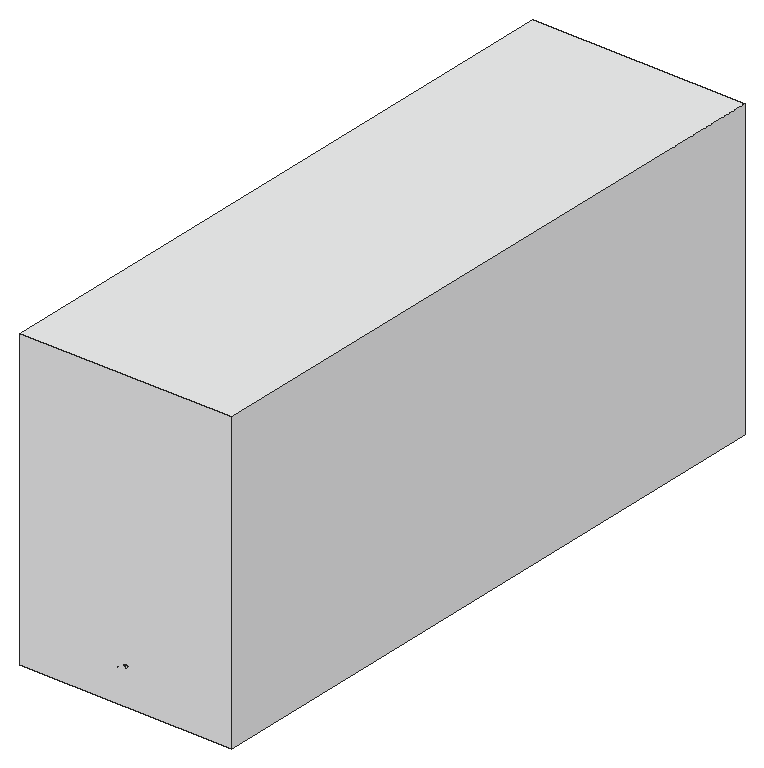
Revit family "979110001_Llave Jardin Palanca", category Plumbing Fixtures, Revit 2019
Family settings
  Round Connector Dimension = Use Diameter
  Part Type = Normal
  Work Plane-Based = No
  Always vertical = Yes
  Cut with Voids When Loaded = No
  Shared = No
  Room Calculation Point = No
Parameters
  Profundidad = 147.5 mm
  Presion minima = "20 psi."  # constant formula
  Presion maxima = "125 psi."  # constant formula
  Peso neto = "265gr. / 0.5842 Lb."  # constant formula
  Peso Bruto aprox = "270gr. / 0.5952 Lb."  # constant formula
  Material = Corona_Laton
  Manufacturer = "Corona"  # constant formula
  Fecha de creación = "12/08/2020"  # constant formula
  Description = "• Acabado satinado y Robusto.\r\n• Ideal para trabajo pesado.\r\n• Calidad GRIVAL, que nos permite ofrecer una garantía de 5 años.\r\n• Accionamiento palanca.\r\n• Incluye escudo."  # constant formula
  Creado por = "IDD"  # constant formula
  Capacidad de flujo = "15 L/min a 20 PSI."  # constant formula
  Ancho = 50 mm
Reference planes
  plane 1 "Center (Front/Back)": y = 0
  plane 2: z = 0
  plane 3 "Center (Left/Right)": x = 0
  plane 4: y = -147.5
  plane 5: y = -110
  plane 6: x = -25
  plane 7: x = 25
Forms (mm)
  Revolve 1, solid, material "Corona_Laton" <- "Material"
    sketch origin (0, 0, 0) x (0, 1, 0) y (0, 0, 1)
      loop
        line (0, 38.208) -> (0, 46.937)
        arc (0, 46.937) -> (-0.454, 48.377) -> (-1.652, 49.296) r 2.51
        line (-1.652, 49.296) -> (-13.831, 49.296) -> (-13.831, 63.125) -> (-20.252, 63.125)
        arc (-20.252, 63.125) -> (-21.016, 62.728) -> (-21.128, 61.874) r 0.933
        line (-21.128, 61.874) -> (-21.128, 50.501) -> (-22.9, 50.501) -> (-24.12, 48.208) -> (-91.886, 48.208) -> (-91.886, 38.208) -> (0, 38.208)
      axis (0, 38.208) -> (-91.886, 38.208)
    angle from 0 to 360
  Revolve 2, solid, material "Corona_Laton" <- "Material"
    sketch origin (0, 0, 0) x (0, 1, 0) y (0, 0, 1)
      loop
        line (-101.462, 75.153) -> (-101.462, 79.366)
        arc (-101.462, 79.366) -> (-105.103, 82.866) -> (-110, 84.098) r 9.838
        arc (-110, 84.098) -> (-114.897, 82.866) -> (-118.538, 79.366) r 9.838
        line (-118.538, 79.366) -> (-118.538, 75.153) -> (-101.462, 75.153)
      axis (-101.462, 75.153) -> (-118.538, 75.153)
    angle from 0 to 360
  Extrusion 3, void
    sketch origin (0, 0, 0) x (0, 1, 0) y (0, 0, 1)
      loop
        line (-116.263, 65.803) -> (-103.689, 65.803) -> (-103.689, 68.037) -> (-116.263, 68.037) -> (-116.263, 65.803)
    from -7.97 to 9.906
  Revolve 4, solid, material "Corona_Laton" <- "Material"
    sketch origin (0, 0, 0) x (0, 1, 0) y (0, 0, 1)
      loop
        line (-117.406, 74.933) -> (-117.406, 79.401) -> (-128.8, 79.401)
        arc (-128.8, 79.401) -> (-136.3, 81.467) -> (-140.522, 74.933) r 6.576
        line (-140.522, 74.933) -> (-117.406, 74.933)
      axis (-117.406, 74.933) -> (-140.522, 74.933)
    angle from 0 to 360
  Revolve 5, solid, material "Corona_Laton" <- "Material"
    sketch origin (0, -220, 0) x (0, -1, 0) y (0, 0, 1)
      loop
        line (-117.406, 74.933) -> (-117.406, 79.401) -> (-128.8, 79.401)
        arc (-128.8, 79.401) -> (-136.3, 81.467) -> (-140.522, 74.933) r 6.576
        line (-140.522, 74.933) -> (-117.406, 74.933)
      axis (-117.406, 74.933) -> (-140.522, 74.933)
    angle from 0 to 360
  Revolve 6, solid, material "Corona_Laton" <- "Material"
    sketch origin (0, 0, 0) x (0, 1, 0) y (0, 0, 1)
      loop
        line (-105, 68.037) -> (-110, 68.037) -> (-110, 39.813) -> (-98.147, 39.813) -> (-98.147, 61.055) -> (-100.94, 61.055) -> (-100.94, 64.387)
        arc (-100.94, 64.387) -> (-102.396, 65.163) -> (-104.009, 65.504) r 5.869
        line (-104.009, 65.504) -> (-104.009, 66.777) -> (-105, 66.777) -> (-105, 68.037)
      axis (-110, 68.037) -> (-110, 39.813)
    angle from 0 to 360
  Revolve 7, solid, material "Corona_Laton" <- "Material"
    sketch origin (0, 0, 0) x (0, 1, 0) y (0, 0, 1)
      loop
        line (-145.431, 22.286) -> (-159.17, 26.225) -> (-161.052, 19.661)
        arc (-161.052, 19.661) -> (-160.777, 18.014) -> (-159.452, 16.998) r 2.278
        line (-159.452, 16.998) -> (-147.897, 13.685) -> (-145.431, 22.286)
      axis (-145.431, 22.286) -> (-147.897, 13.685)
    angle from 0 to 360
  Revolve 8, solid, material "Corona_Laton" <- "Material"
    sketch origin (0, 0, 0) x (0, 1, 0) y (0, 0, 1)
      loop
        line (-91.886, 28.208) -> (-91.886, 38.208) -> (-127.907, 38.208) -> (-127.907, 28.208)
        arc (-127.907, 28.208) -> (-109.897, 25.933) -> (-91.886, 28.208) r 72.431
      axis (-91.886, 38.208) -> (-127.907, 38.208)
    angle from 0 to 360
  Sweep 9, solid, material "Corona_Laton" <- "Material", detail levels medium+fine
    path origin (0, 1.075, -962.085) x (0, -1, 0) y (0, 0, -1)
      loop
        arc (127.473, -1000.072) -> (141.831, -992.725) -> (144.274, -976.782) r 17.705
    profile origin (0, -140.757, 30.641) x (0, 0.811005, -0.58504) y (1, 0, 0)
      loop
        circle (0, 0) r 10.3
  Extrusion 10, void
    sketch origin (0, 0, 0) x (0, 1, 0) y (0, 0, 1)
      loop
        line (-157.716, 16.644) -> (-158.872, 12.613) -> (-140.094, 7.228) -> (-138.938, 11.26) -> (-157.716, 16.644)
    from -20.073 to 19.995
  Extrusion 11, solid, material "Corona_Laton" <- "Material"
    sketch origin (0, 0, 0) x (0, 1, 0) y (0, 0, 1)
      loop
        line (-161.052, 10.059) -> (0, 10.059) -> (0, 84.661) -> (-161.052, 84.661) -> (-161.052, 10.059)
    from -26.521 to 26.764
Cuts and joins
  Extrusion 3 cuts Revolve 2
  Extrusion 10 cuts Sweep 9
Dimensions and locks
  "Profundidad": plane 1 "Center (Front/Back)" to plane 4
  plane 1 "Center (Front/Back)" to plane 5 = 110 mm
  "Ancho": plane 6 to plane 7
  aligned and locked: level to plane 2
Automatic sketch dimensions
  Revolve 1 sketch curve to plane 1 "Center (Front/Back)" = 0 mm  (x2)
  plane 1 "Center (Front/Back)" to Revolve 1 sketch curve = 1.652 mm
  plane 1 "Center (Front/Back)" to Revolve 1 sketch curve = 2.51 mm
  Revolve 1 sketch curve to Revolve 1 sketch curve = 11.32 mm
  Revolve 1 sketch curve to Revolve 1 sketch curve = 6.421 mm
  Revolve 1 sketch curve to Revolve 1 sketch curve = 0.876 mm
  Revolve 1 sketch curve to Revolve 1 sketch curve = 1.772 mm
  Revolve 1 sketch curve to Revolve 1 sketch curve = 1.219 mm
  Revolve 1 sketch curve to plane 5 = 18.114 mm
  level to Revolve 1 sketch curve = 38.208 mm
  Revolve 1 sketch curve to Revolve 1 sketch curve = 8.73 mm
  Revolve 1 sketch curve to Revolve 1 sketch curve = 1.089 mm
  Revolve 1 sketch curve to Revolve 1 sketch curve = 2.293 mm
  Revolve 1 sketch curve to Revolve 1 sketch curve = 11.373 mm
  Revolve 1 sketch curve to Revolve 1 sketch curve = 0.319 mm
  Revolve 1 sketch curve to Revolve 1 sketch curve = 0 mm  (x2)
  Revolve 2 sketch curve to plane 5 = 0 mm
  plane 5 to Revolve 2 sketch curve = 0.128 mm
  Revolve 2 sketch curve to Revolve 2 sketch curve = 8.41 mm
  Revolve 2 sketch curve to plane 5 = 0.128 mm
  Revolve 2 sketch curve to plane 5 = 8.538 mm
  level to Revolve 2 sketch curve = 74.261 mm
  Revolve 2 sketch curve to Revolve 2 sketch curve = 0 mm  (x2)
  Revolve 2 sketch curve to Revolve 2 sketch curve = 0.892 mm
  Revolve 2 sketch curve to Revolve 2 sketch curve = 4.212 mm
  Revolve 2 sketch curve to plane 4 = 6.442 mm
  Revolve 2 sketch curve to Revolve 2 sketch curve = 22.52 mm
  plane 5 to Extrusion 3 sketch curve = 6.263 mm
  Extrusion 3 sketch curve to plane 5 = 6.311 mm
  level to Extrusion 3 sketch curve = 65.803 mm
  Extrusion 3 sketch curve to Extrusion 3 sketch curve = 2.233 mm
  Revolve 4 sketch curve to plane 4 = 6.978 mm
  Revolve 4 sketch curve to Revolve 4 sketch curve = 6.565 mm
  Revolve 4 sketch curve to Revolve 4 sketch curve = 5.158 mm
  plane 5 to Revolve 4 sketch curve = 7.406 mm
  level to Revolve 4 sketch curve = 74.933 mm
  Revolve 4 sketch curve to Revolve 4 sketch curve = 0.389 mm
  Revolve 4 sketch curve to Revolve 4 sketch curve = 1.565 mm
  Revolve 4 sketch curve to Revolve 4 sketch curve = 1.132 mm
  Revolve 4 sketch curve to Revolve 4 sketch curve = 0 mm
  plane 5 to Revolve 5 sketch curve = 30.522 mm
  Revolve 5 sketch curve to Revolve 5 sketch curve = 6.565 mm
  Revolve 5 sketch curve to Revolve 5 sketch curve = 5.158 mm
  plane 5 to Revolve 5 sketch curve = 7.406 mm
  Revolve 5 sketch curve to level = 74.933 mm
  Revolve 5 sketch curve to Revolve 5 sketch curve = 0.389 mm
  Revolve 5 sketch curve to Revolve 5 sketch curve = 1.565 mm
  Revolve 5 sketch curve to Revolve 5 sketch curve = 1.132 mm
  Revolve 5 sketch curve to Revolve 5 sketch curve = 0 mm
  Revolve 6 sketch curve to plane 5 = 0 mm  (x2)
  Revolve 6 sketch curve to plane 5 = 5 mm
  Revolve 6 sketch curve to plane 5 = 5.597 mm
  Revolve 6 sketch curve to Revolve 6 sketch curve = 0.991 mm
  Revolve 6 sketch curve to Revolve 6 sketch curve = 3.462 mm
  Revolve 6 sketch curve to Revolve 6 sketch curve = 2.793 mm
  level to Revolve 6 sketch curve = 39.813 mm
  Revolve 6 sketch curve to Revolve 6 sketch curve = 19.835 mm
  Revolve 6 sketch curve to Revolve 6 sketch curve = 1.407 mm
  Revolve 6 sketch curve to Revolve 6 sketch curve = 3.331 mm
  Revolve 6 sketch curve to Revolve 6 sketch curve = 1.273 mm
  Revolve 6 sketch curve to Revolve 6 sketch curve = 1.26 mm
  Revolve 6 sketch curve to Revolve 6 sketch curve = 0.937 mm
  Revolve 6 sketch curve to Revolve 6 sketch curve = 0 mm
  plane 4 to Revolve 7 sketch curve = 13.552 mm
  Revolve 7 sketch curve to Revolve 7 sketch curve = 1.6 mm
  Revolve 7 sketch curve to Revolve 7 sketch curve = 1.882 mm
  Revolve 7 sketch curve to Revolve 7 sketch curve = 0.628 mm
  plane 4 to Revolve 7 sketch curve = 0.397 mm
  Revolve 7 sketch curve to plane 4 = 2.069 mm
  level to Revolve 7 sketch curve = 13.685 mm
  Revolve 7 sketch curve to Revolve 7 sketch curve = 3.313 mm
  Revolve 7 sketch curve to Revolve 7 sketch curve = 0.041 mm
  Revolve 7 sketch curve to Revolve 7 sketch curve = 0 mm  (x2)
  Revolve 7 sketch curve to Revolve 7 sketch curve = 0.144 mm
  plane 5 to Revolve 8 sketch curve = 17.907 mm
  Revolve 8 sketch curve to plane 5 = 0.103 mm
  Revolve 8 sketch curve to plane 5 = 18.114 mm
  level to Revolve 8 sketch curve = 28.208 mm
  Revolve 8 sketch curve to Revolve 8 sketch curve = 10 mm
  Revolve 8 sketch curve to Revolve 8 sketch curve = 60.157 mm
  Revolve 8 sketch curve to Revolve 8 sketch curve = 0.523 mm
  Revolve 8 sketch curve to Revolve 8 sketch curve = 0 mm  (x2)
  Sweep 9 sketch curve to profile plane = 0 mm  (x2)
  plane 5 to Sweep 9 sketch curve = 16.398 mm
  level to Sweep 9 sketch curve = 20.283 mm
  Sweep 9 sketch curve to plane 4 = 4.301 mm
  Sweep 9 sketch curve to Sweep 9 sketch curve = 17.705 mm
  plane 4 to Extrusion 10 sketch curve = 11.372 mm
  Extrusion 10 sketch curve to Extrusion 10 sketch curve = 1.156 mm
  Extrusion 10 sketch curve to plane 4 = 7.406 mm
  level to Extrusion 10 sketch curve = 7.228 mm
  Extrusion 10 sketch curve to Extrusion 10 sketch curve = 4.032 mm
  Extrusion 11 sketch curve to plane 1 "Center (Front/Back)" = 0 mm
  plane 4 to Extrusion 11 sketch curve = 13.552 mm
  Extrusion 11 sketch curve to Extrusion 11 sketch curve = 74.602 mm
  level to Extrusion 11 sketch curve = 10.059 mm
  radius of Sweep 9 sketch curve = 10.3 mm
